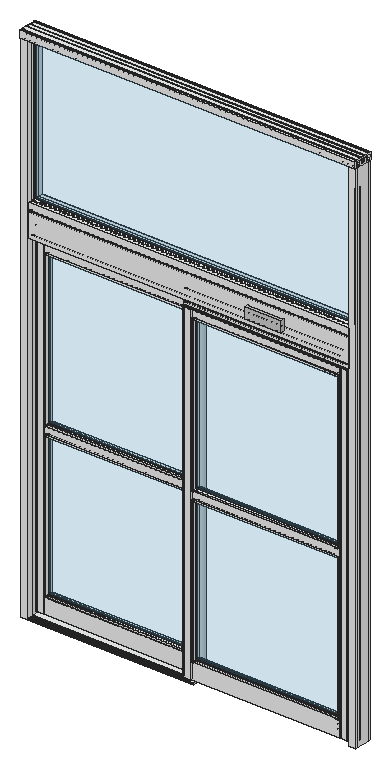
Revit family "2-6-5_Sliding-Door_TX9300SL_Single-RH-Inside-Slide-w-transom-SX-SO_Tormax", category Doors, host Wall, Revit 2026
Family settings
  Host = Wall
  Classification Number = 23.30.10.00
  Always vertical = Yes
  Cut with Voids When Loaded = Yes
  Shared = No
  Room Calculation Point = No
Parameters (values of type "7'-0" Package Width")
  Width = 7' - 0"
  URL = "https://www.tormaxusa.com"
  Thickness = 0' - 4 1/2"  # constant formula
  Specification = "https://www.arcat.com/company/tormax-usa-inc-43969/spec"
  Rough Width = Width + 0' 0 1/2"  # 7' - 0 1/2"
  Rough Height = Height + 0' 0 1/4"  # 11' - 0 1/4"
  Product Page URL = "https://www.arcat.com/arcatcos/cos43/arc43969.html"
  Model = "TX9300SL"
  Manufacturer = "Tormax"
  Keynote = "08 42 29"
  Height = 11' - 0"  # constant formula
  Glass = Glass - Tormax
  Frame Projection Ext. = 0' - 0"
  Frame Projection Int. = 0' - 0"
  Frame Width = 0' - 0"
  Wall Closure = By host
  Door Width = Width / 2 - 0' 0 9/16"  # 3' - 5 7/16"
  Door Height = Height  # 11' - 0"
  Frame Material = Aluminum - Tormax
  Description = "Single RH Inside Slide Application w/ Transom (SX-SO), 7'-0\" Package Width"
  Define Thermal Properties by = Schematic Type
  Copyright = "ARCAT"
  CAD Details = "https://www.arcat.com/company/tormax-usa-inc-43969/cad"
  Analytic Construction = "<None>"
Reference planes (in)
  plane 1 "Center (Front/Back)": y = 0
  plane 2 "Center (Left/Right)": x = 0
  plane 3 "Left": x = -42.25
  plane 4 "Right": x = 42.25
  plane 5 "Top": z = 131.75
  plane 6 "Exterior": y = 3
  plane 7 "Interior": y = -3
  plane 8: x = -1.3125
  plane 9: x = 1.3125
  plane 10: y = -2.25
  plane 11 "4": z = 85
  plane 12: x = -42
  plane 13: x = 42
  plane 14: z = 131.5
  plane 15: y = 2.25
  plane 16: x = -40.24908
  plane 17: x = 40.24908
  plane 18: y = 0.94098
  plane 19: y = -1.38997
  plane 20: x = 19.46829
  plane 21: z = 91.5
  plane 22: z = -0.5
  plane 23: z = 129.6875
  plane 24: z = 93.25
Forms (in)
  Extrusion 1, solid, material "Plastic - Tormax - Grey"
    sketch origin (0, 0, 0) x (1, 0, 0) y (0, 0, 1)
      loop
        line (14.96829, 89.555) -> (14.96829, 86.945) -> (23.96829, 86.945) -> (23.96829, 89.555) -> (14.96829, 89.555)
    from 2.23457 to 3.23457
  Extrusion 2, solid, material "Plastic - Tormax - Grey"
    sketch origin (0, 0, 0) x (1, 0, 0) y (0, 0, 1)
      loop
        line (14.96829, 89.555) -> (14.96829, 86.945) -> (23.96829, 86.945) -> (23.96829, 89.555) -> (14.96829, 89.555)
    from -3.23036 to -2.23036
  Sweep 3, solid, material "Aluminum - Tormax" <- "Frame Material"
    path origin (0, 0, 0) x (1, 0, 0) y (0, 0, 1)
      loop
        line (-40.24908, 85) -> (40.24908, 85)
    profile origin (0, 0, 85) x (0, 0, 1) y (0, -1, 0)
      loop
        line (5.77619, 2.07466) -> (5.77619, 1.22179) -> (5.91858, 1.22179)
        arc (5.91858, 1.22179) -> (5.95775, 1.20557) -> (5.97397, 1.1664) r 0.05539
        line (5.97397, 1.1664) -> (5.97397, 1.11939) -> (6.03942, 1.11939) -> (6.06795, 1.15867) -> (6.25171, 1.15867) -> (6.25171, 0.53164) -> (6.11284, 0.53164) -> (6.11284, 0.64246) -> (6.03429, 0.64246) -> (6.03429, 0.53164) -> (5.97397, 0.53164) -> (5.97397, 0.29669) -> (6.05393, 0.29669) -> (6.05393, 0.42995) -> (6.1928, 0.42995) -> (6.1928, 0.32403) -> (6.33027, 0.32403) -> (6.33027, -0.00721) -> (6.1928, -0.00721) -> (6.1928, -0.11382) -> (6.05393, -0.11382) -> (6.05393, 0.01944) -> (5.97397, 0.01944) -> (5.97397, -0.19378) -> (6.27276, -0.19378) -> (6.27276, -0.11503)
        arc (6.27276, -0.11503) -> (6.30151, -0.08627) -> (6.33027, -0.11503) r 0.02876
        line (6.33027, -0.11503) -> (6.33027, -0.44908)
        arc (6.33027, -0.44908) -> (6.30151, -0.47783) -> (6.27276, -0.44908) r 0.02876
        line (6.27276, -0.44908) -> (6.27276, -0.37032) -> (5.97397, -0.37032) -> (5.97397, -0.58354) -> (6.05393, -0.58354) -> (6.05393, -0.45028) -> (6.1928, -0.45028) -> (6.1928, -0.55689) -> (6.33027, -0.55689) -> (6.33027, -0.88653) -> (6.1928, -0.88653) -> (6.1928, -0.99314) -> (6.05393, -0.99314) -> (6.05393, -0.85988) -> (5.97397, -0.85988) -> (5.97397, -1.0731) -> (6.27276, -1.0731) -> (6.27276, -0.99434)
        arc (6.27276, -0.99434) -> (6.30151, -0.96559) -> (6.33027, -0.99434) r 0.02876
        line (6.33027, -0.99434) -> (6.33027, -1.32981)
        arc (6.33027, -1.32981) -> (6.30151, -1.35856) -> (6.27276, -1.32981) r 0.02876
        line (6.27276, -1.32981) -> (6.27276, -1.25125) -> (5.97397, -1.25125) -> (5.97397, -1.46306) -> (6.05393, -1.46306) -> (6.05393, -1.3298) -> (6.1928, -1.3298) -> (6.1928, -1.43623) -> (6.24189, -1.43623) -> (6.24189, -1.76475) -> (6.1928, -1.76475) -> (6.1928, -1.87407) -> (6.05393, -1.87407) -> (6.05393, -1.7394) -> (5.97397, -1.7394) -> (5.97397, -1.93598)
        arc (5.97397, -1.93598) -> (5.93664, -2.02611) -> (5.84651, -2.06344) r 0.12746
        line (5.84651, -2.06344) -> (1.75483, -2.06344) -> (1.75483, -1.53331) -> (1.9456, -1.35354) -> (1.9456, -0.73504) -> (1.83128, -0.62071) -> (2.08658, -0.36541) -> (2.03117, -0.31001) -> (1.93648, -0.40469) -> (1.83689, -0.3051) -> (1.91264, -0.22935) -> (1.85512, -0.17184) -> (2.08868, 0.06172) -> (2.14619, 0.00421) -> (2.22127, 0.07928) -> (2.32086, -0.02032) -> (2.22615, -0.11502) -> (2.28156, -0.17043) -> (2.38466, -0.06733) -> (2.38466, 0.9202) -> (2.23457, 0.9202) -> (2.23457, 0.32723)
        arc (2.23457, 0.32723) -> (2.2005, 0.23362) -> (2.11423, 0.18382) r 0.14562
        line (2.11423, 0.18382) -> (2.0338, 0.16963)
        arc (2.0338, 0.16963) -> (1.99627, 0.15695) -> (1.96422, 0.13365) r 0.13141
        line (1.96422, 0.13365) -> (1.83569, 0.00654)
        arc (1.83569, 0.00654) -> (1.6158, -0.06179) -> (1.43332, 0.07864) r 0.25
        line (1.43332, 0.07864) -> (1.36206, 0.23145) -> (1.17269, 0.23145) -> (1.17269, 0.1529) -> (1.30595, 0.1529) -> (1.30595, 0.01262) -> (1.19934, 0.01262) -> (1.19934, -0.06867) -> (0.8697, -0.06867) -> (0.8697, 0.01262) -> (0.76309, 0.01262) -> (0.76309, 0.1529) -> (0.89635, 0.1529) -> (0.89635, 0.23145) -> (0.59196, 0.23145) -> (0.59196, 0.11643) -> (0.47481, 0.11643)
        arc (0.47481, 0.11643) -> (0.40392, 0.14579) -> (0.37455, 0.21669) r 0.10026
        line (0.37455, 0.21669) -> (0.37455, 1.02507)
        arc (0.37455, 1.02507) -> (0.36443, 1.03854) -> (0.34867, 1.03258) r 0.01403
        line (0.34867, 1.03258) -> (0.23145, 0.84785) -> (0.23145, 0.28897) -> (-0.01964, 0.28897) -> (-0.01964, 0.45028) -> (-0.21462, 0.45028) -> (-0.21462, 0.4068) -> (-0.15431, 0.4068) -> (-0.15431, 0.33666) -> (-0.48395, 0.33666) -> (-0.48395, 0.4068) -> (-0.42504, 0.4068) -> (-0.42504, 0.45028) -> (-0.62422, 0.45028) -> (-0.62422, 0.04489) -> (-0.42504, 0.04489) -> (-0.42504, 0.08837) -> (-0.48395, 0.08837) -> (-0.48395, 0.15851) -> (-0.15431, 0.15851) -> (-0.15431, 0.08837) -> (-0.21462, 0.08837) -> (-0.21462, 0.04489) -> (0, 0.04489) -> (0, -2.23457) -> (6.5, -2.23457) -> (6.5, -2.00635)
        arc (6.5, -2.00635) -> (6.48905, -1.99208) -> (6.47243, -1.99896) r 0.01477
        line (6.47243, -1.99896) -> (6.41577, -2.09711)
        arc (6.41577, -2.09711) -> (6.39129, -2.10725) -> (6.37515, -2.08622) r 0.02177
        line (6.37515, -2.08622) -> (6.37515, -1.85076) -> (6.5, -1.72592) -> (6.5, 2.23036) -> (0.28141, 2.23036) -> (0.28141, 1.68048) -> (0.40539, 1.68048) -> (0.40539, 2.10552) -> (6.03008, 2.10552) -> (6.03008, 1.97602) -> (5.93246, 1.97602)
        arc (5.93246, 1.97602) -> (5.88314, 1.9267) -> (5.93246, 1.87738) r 0.04932
        line (5.93246, 1.87738) -> (6.29099, 1.87738) -> (6.29099, 2.1562) -> (6.34244, 2.14241)
        arc (6.34244, 2.14241) -> (6.39719, 1.79317) -> (6.22817, 1.4827) r 0.55026
        line (6.22817, 1.4827) -> (6.14932, 1.4827) -> (6.14932, 1.35631) -> (5.87438, 1.35631) -> (5.87438, 1.93675)
        arc (5.87438, 1.93675) -> (5.89217, 1.97971) -> (5.93513, 1.99751) r 0.06075
        line (5.93513, 1.99751) -> (5.99221, 1.99751) -> (5.99221, 2.07466) -> (5.77619, 2.07466)
      loop
        line (0.07995, -1.86565) -> (0.26091, -1.86565) -> (0.26091, -1.94734) -> (0.30619, -1.97106) -> (0.30619, -2.06344) -> (1.5851, -2.06344) -> (1.5851, -1.38773) -> (1.33962, -1.38773) -> (1.33962, -1.17409) -> (1.41957, -1.17409) -> (1.41957, -1.30735) -> (1.55985, -1.30735) -> (1.55985, -1.20075) -> (1.75062, -1.20075) -> (1.75062, -0.8711) -> (1.55985, -0.8711) -> (1.55985, -0.76309) -> (1.41957, -0.76309) -> (1.41957, -0.89776) -> (1.33962, -0.89776) -> (1.33962, -0.66367) -> (1.69036, -0.66367) -> (1.69036, -0.25479) -> (1.4982, -0.21838) -> (0.7408, -0.21838) -> (0.47711, -0.03365) -> (0.3058, -0.03421) -> (0.3058, -0.2539) -> (0.26091, -0.28335) -> (0.26091, -0.39978) -> (0.07995, -0.39978) -> (0.07995, -1.86565)
  Sweep 4, solid, material "Aluminum - Tormax" <- "Frame Material"
    path origin (0, 0, 0) x (1, 0, 0) y (0, 0, 1)
      loop
        line (-42, 93.25) -> (-42, -0.5)
    profile origin (-42, 0, 46.375) x (0, -1, 0) y (1, 0, 0)
      loop
        line (-0.57123, 1.42631) -> (-0.50727, 1.42631) -> (-0.50727, 1.69246) -> (0.50727, 1.69246) -> (0.50727, 1.42631) -> (0.57123, 1.42631) -> (0.57123, 1.69246) -> (0.72205, 1.69246) -> (0.72205, 1.75092) -> (-0.72205, 1.75092) -> (-0.72205, 1.69246) -> (-0.57123, 1.69246) -> (-0.57123, 1.42631)
      loop
        line (-0.57123, 82.57369) -> (-0.57123, 82.30754) -> (-0.72205, 82.30754) -> (-0.72205, 82.24908) -> (0.72205, 82.24908) -> (0.72205, 82.30754) -> (0.57123, 82.30754) -> (0.57123, 82.57369) -> (0.50727, 82.57369) -> (0.50727, 82.30754) -> (-0.50727, 82.30754) -> (-0.50727, 82.57369) -> (-0.57123, 82.57369)
  Sweep 5, solid, material "Aluminum - Tormax" <- "Frame Material"
    path origin (0, 0, 0) x (-1, 0, 0) y (0, 0, -1)
      loop
        line (-42, -129.6875) -> (-42, 0.5)
    profile origin (42, 0, 64.59375) x (0, -1, 0) y (1, 0, 0)
      loop
        line (-2.25, 0) -> (-2.25, -1.75092) -> (-0.85868, -1.75092) -> (-0.85868, -1.49159) -> (-0.72205, -1.49159) -> (-0.72205, -1.65835) -> (-0.65809, -1.65835) -> (-0.65809, -1.42631) -> (-0.75647, -1.42631) -> (-0.75647, -0.88221)
        arc (-0.75647, -0.88221) -> (-0.72688, -0.81077) -> (-0.65544, -0.78118) r 0.10104
        line (-0.65544, -0.78118) -> (0.6608, -0.78118)
        arc (0.6608, -0.78118) -> (0.72992, -0.80981) -> (0.75855, -0.87892) r 0.09775
        line (0.75855, -0.87892) -> (0.75855, -1.42631) -> (0.66591, -1.42631) -> (0.66591, -1.6564) -> (0.72205, -1.6564) -> (0.72205, -1.49159) -> (0.85905, -1.49159) -> (0.85905, -1.75092) -> (2.25, -1.75092) -> (2.25, 0) -> (1.80734, 0) -> (1.80734, -0.11322) -> (1.70714, -0.11322)
        arc (1.70714, -0.11322) -> (1.69848, -0.15137) -> (1.71377, -0.18738) r 0.06366
        line (1.71377, -0.18738) -> (1.81808, -0.18738)
        arc (1.81808, -0.18738) -> (1.86945, -0.1699) -> (1.89951, -0.12472) r 0.08425
        line (1.89951, -0.12472) -> (2.12383, -0.12472) -> (2.12383, -1.62444) -> (1.01125, -1.62444)
        arc (1.01125, -1.62444) -> (0.97912, -1.49036) -> (0.88344, -1.39109) r 0.2623
        line (0.88344, -1.39109) -> (0.88344, -0.87134)
        arc (0.88344, -0.87134) -> (0.82039, -0.71912) -> (0.66817, -0.65607) r 0.21527
        line (0.66817, -0.65607) -> (-0.66261, -0.65607)
        arc (-0.66261, -0.65607) -> (-0.81729, -0.72014) -> (-0.88136, -0.87481) r 0.21875
        line (-0.88136, -0.87481) -> (-0.88136, -1.38986)
        arc (-0.88136, -1.38986) -> (-0.97854, -1.4893) -> (-1.01125, -1.62444) r 0.2623
        line (-1.01125, -1.62444) -> (-2.12383, -1.62444) -> (-2.12383, -0.12472) -> (-1.89951, -0.12472)
        arc (-1.89951, -0.12472) -> (-1.86945, -0.1699) -> (-1.81808, -0.18738) r 0.08425
        line (-1.81808, -0.18738) -> (-1.70596, -0.18738)
        arc (-1.70596, -0.18738) -> (-1.69067, -0.15137) -> (-1.69933, -0.11322) r 0.06366
        line (-1.69933, -0.11322) -> (-1.81515, -0.11322) -> (-1.81515, 0) -> (-2.25, 0)
      loop
        line (-1.77192, 0) -> (-1.77192, -0.07235) -> (-1.60504, -0.07235) -> (-1.60504, -0.18932) -> (-1.6607, -0.18932) -> (-1.59241, -0.37695)
        arc (-1.59241, -0.37695) -> (-1.54664, -0.39829) -> (-1.52529, -0.35252) r 0.03571
        line (-1.52529, -0.35252) -> (-1.57291, -0.22167) -> (-1.53738, -0.20277) -> (-1.53738, -0.07235) -> (0.55418, -0.07235) -> (0.55418, -0.55414) -> (0.63819, -0.55414) -> (0.63819, -0.07235) -> (1.53738, -0.07235) -> (1.53738, -0.20277) -> (1.57291, -0.22167) -> (1.52529, -0.35252)
        arc (1.52529, -0.35252) -> (1.54664, -0.39829) -> (1.59241, -0.37695) r 0.03571
        line (1.59241, -0.37695) -> (1.6607, -0.18932) -> (1.60504, -0.18932) -> (1.60504, -0.07235) -> (1.76565, -0.07235) -> (1.76565, 0) -> (-1.77192, 0)
      loop
        line (-2.25, -84) -> (-1.81515, -84) -> (-1.81515, -83.88678) -> (-1.69933, -83.88678)
        arc (-1.69933, -83.88678) -> (-1.69067, -83.84863) -> (-1.70596, -83.81262) r 0.06366
        line (-1.70596, -83.81262) -> (-1.81808, -83.81262)
        arc (-1.81808, -83.81262) -> (-1.86945, -83.8301) -> (-1.89951, -83.87528) r 0.08425
        line (-1.89951, -83.87528) -> (-2.12383, -83.87528) -> (-2.12383, -82.37556) -> (-1.01125, -82.37556)
        arc (-1.01125, -82.37556) -> (-0.97854, -82.5107) -> (-0.88136, -82.61014) r 0.2623
        line (-0.88136, -82.61014) -> (-0.88136, -83.12519)
        arc (-0.88136, -83.12519) -> (-0.81729, -83.27986) -> (-0.66261, -83.34393) r 0.21875
        line (-0.66261, -83.34393) -> (0.66817, -83.34393)
        arc (0.66817, -83.34393) -> (0.82039, -83.28088) -> (0.88344, -83.12866) r 0.21527
        line (0.88344, -83.12866) -> (0.88344, -82.60891)
        arc (0.88344, -82.60891) -> (0.97912, -82.50964) -> (1.01125, -82.37556) r 0.2623
        line (1.01125, -82.37556) -> (2.12383, -82.37556) -> (2.12383, -83.87528) -> (1.89951, -83.87528)
        arc (1.89951, -83.87528) -> (1.86945, -83.8301) -> (1.81808, -83.81262) r 0.08425
        line (1.81808, -83.81262) -> (1.71377, -83.81262)
        arc (1.71377, -83.81262) -> (1.69848, -83.84863) -> (1.70714, -83.88678) r 0.06366
        line (1.70714, -83.88678) -> (1.80734, -83.88678) -> (1.80734, -84) -> (2.25, -84) -> (2.25, -82.24908) -> (0.85905, -82.24908) -> (0.85905, -82.50841) -> (0.72205, -82.50841) -> (0.72205, -82.3436) -> (0.66591, -82.3436) -> (0.66591, -82.57369) -> (0.75855, -82.57369) -> (0.75855, -83.12108)
        arc (0.75855, -83.12108) -> (0.72992, -83.19019) -> (0.6608, -83.21882) r 0.09775
        line (0.6608, -83.21882) -> (-0.65544, -83.21882)
        arc (-0.65544, -83.21882) -> (-0.72688, -83.18923) -> (-0.75647, -83.11779) r 0.10104
        line (-0.75647, -83.11779) -> (-0.75647, -82.57369) -> (-0.65809, -82.57369) -> (-0.65809, -82.34165) -> (-0.72205, -82.34165) -> (-0.72205, -82.50841) -> (-0.85868, -82.50841) -> (-0.85868, -82.24908) -> (-2.25, -82.24908) -> (-2.25, -84)
      loop
        line (-1.77192, -84) -> (1.76565, -84) -> (1.76565, -83.92765) -> (1.60504, -83.92765) -> (1.60504, -83.81068) -> (1.6607, -83.81068) -> (1.59241, -83.62305)
        arc (1.59241, -83.62305) -> (1.54664, -83.60171) -> (1.52529, -83.64748) r 0.03571
        line (1.52529, -83.64748) -> (1.57291, -83.77833) -> (1.53738, -83.79723) -> (1.53738, -83.92765) -> (0.63819, -83.92765) -> (0.63819, -83.44586) -> (0.55418, -83.44586) -> (0.55418, -83.92765) -> (-1.53738, -83.92765) -> (-1.53738, -83.79723) -> (-1.57291, -83.77833) -> (-1.52529, -83.64748)
        arc (-1.52529, -83.64748) -> (-1.54664, -83.60171) -> (-1.59241, -83.62305) r 0.03571
        line (-1.59241, -83.62305) -> (-1.6607, -83.81068) -> (-1.60504, -83.81068) -> (-1.60504, -83.92765) -> (-1.77192, -83.92765) -> (-1.77192, -84)
  Sweep 6, solid, material "Aluminum - Tormax" <- "Frame Material"
    path origin (0, 0, 0) x (1, 0, 0) y (0, 0, 1)
      loop
        line (-40.24908, 85) -> (40.24908, 85)
    profile origin (0, 0, 85) x (0, 0, 1) y (0, -1, 0)
      loop
        line (6.5, 2.23457) -> (6.5, 2.00635)
        arc (6.5, 2.00635) -> (6.48905, 1.99208) -> (6.47243, 1.99896) r 0.01477
        line (6.47243, 1.99896) -> (6.41577, 2.09711)
        arc (6.41577, 2.09711) -> (6.39129, 2.10725) -> (6.37515, 2.08622) r 0.02177
        line (6.37515, 2.08622) -> (6.37515, 1.93279) -> (6.5, 1.80795) -> (6.5, -2.23457) -> (8.25016, -2.23457) -> (8.25016, -0.91) -> (8.28253, -0.89192) -> (8.38177, -0.13464) -> (8.42963, -0.06635)
        arc (8.42963, -0.06635) -> (8.4235, -0.03153) -> (8.38868, -0.03765) r 0.025
        line (8.38868, -0.03765) -> (8.27631, -0.198) -> (8.01611, -0.198) -> (8.11017, -0.10524)
        arc (8.11017, -0.10524) -> (8.11036, -0.07696) -> (8.08208, -0.07676) r 0.02
        line (8.08208, -0.07676) -> (7.98196, -0.1755) -> (7.93041, -0.4768) -> (7.80443, -0.5574) -> (7.84777, -0.70193)
        arc (7.84777, -0.70193) -> (7.88086, -0.723) -> (7.9065, -0.69331) r 0.03
        line (7.9065, -0.69331) -> (7.9065, -0.6575) -> (7.94166, -0.6575) -> (7.94166, -0.75425) -> (7.37471, -1.29239) -> (7.37471, -1.04856) -> (7.04734, -1.04856) -> (7.04734, -0.56198) -> (7.37563, -0.56198) -> (7.37563, 0.7666) -> (7.94166, 0.7666) -> (7.94166, 0.6575) -> (7.9065, 0.6575) -> (7.9065, 0.69331)
        arc (7.9065, 0.69331) -> (7.88086, 0.723) -> (7.84777, 0.70193) r 0.03
        line (7.84777, 0.70193) -> (7.80443, 0.5574) -> (7.93041, 0.4768) -> (7.98196, 0.1755) -> (8.08208, 0.07676)
        arc (8.08208, 0.07676) -> (8.11036, 0.07696) -> (8.11017, 0.10524) r 0.02
        line (8.11017, 0.10524) -> (8.01611, 0.198) -> (8.27631, 0.198) -> (8.38868, 0.03765)
        arc (8.38868, 0.03765) -> (8.4235, 0.03153) -> (8.42963, 0.06635) r 0.025
        line (8.42963, 0.06635) -> (8.38177, 0.13464) -> (8.28253, 0.89192) -> (8.25016, 0.91) -> (8.25016, 2.23457) -> (6.5, 2.23457)
      loop
        line (8.12516, 0.98853) -> (8.12516, 2.10957) -> (6.625, 2.10957) -> (6.625, 0.89208) -> (7.91768, 0.89208) -> (8.01405, 0.98853) -> (8.12516, 0.98853)
      loop
        line (7.25063, 0.7666) -> (6.625, 0.7666) -> (6.625, -0.43698) -> (7.25063, -0.43698) -> (7.25063, 0.7666)
      loop
        line (6.625, -2.10957) -> (7.09364, -2.10957) -> (7.09364, -1.39649) -> (6.92148, -1.39649) -> (6.92148, -0.56198) -> (6.625, -0.56198) -> (6.625, -2.10957)
      loop
        line (7.21864, -2.17246) -> (8.20004, -2.17246) -> (8.20004, -0.91763) -> (8.05686, -0.91763) -> (7.95226, -0.81302) -> (7.41137, -1.32644) -> (7.21864, -1.32644) -> (7.21864, -2.17246)
  Sweep 7, solid, material "Aluminum - Tormax" <- "Frame Material"
    path origin (0, 0, 0) x (1, 0, 0) y (0, 0, 1)
      loop
        line (0, 93.25016) -> (0, 129.67)
    profile origin (0, 0, 111.46008) x (-1, 0, 0) y (0, -1, 0)
      loop
        line (-40.11746, -0.13464) -> (-40.06961, -0.06635)
        arc (-40.06961, -0.06635) -> (-40.07573, -0.03153) -> (-40.11055, -0.03765) r 0.025
        line (-40.11055, -0.03765) -> (-40.22292, -0.198) -> (-40.48313, -0.198) -> (-40.38907, -0.10524)
        arc (-40.38907, -0.10524) -> (-40.38887, -0.07696) -> (-40.41715, -0.07676) r 0.02
        line (-40.41715, -0.07676) -> (-40.51727, -0.1755) -> (-40.56882, -0.4768) -> (-40.6948, -0.5574) -> (-40.65147, -0.70193)
        arc (-40.65147, -0.70193) -> (-40.61838, -0.723) -> (-40.59273, -0.69331) r 0.03
        line (-40.59273, -0.69331) -> (-40.59273, -0.6575) -> (-40.24908, -0.6575) -> (-40.24908, -0.91) -> (-40.21671, -0.89192) -> (-40.11746, -0.13464)
      loop
        line (-40.24908, 0.91) -> (-40.24908, 0.6575) -> (-40.59273, 0.6575) -> (-40.59273, 0.69331)
        arc (-40.59273, 0.69331) -> (-40.61838, 0.723) -> (-40.65147, 0.70193) r 0.03
        line (-40.65147, 0.70193) -> (-40.6948, 0.5574) -> (-40.56882, 0.4768) -> (-40.51727, 0.1755) -> (-40.41715, 0.07676)
        arc (-40.41715, 0.07676) -> (-40.38887, 0.07696) -> (-40.38907, 0.10524) r 0.02
        line (-40.38907, 0.10524) -> (-40.48313, 0.198) -> (-40.22292, 0.198) -> (-40.11055, 0.03765)
        arc (-40.11055, 0.03765) -> (-40.07573, 0.03153) -> (-40.06961, 0.06635) r 0.025
        line (-40.06961, 0.06635) -> (-40.11746, 0.13464) -> (-40.21671, 0.89192) -> (-40.24908, 0.91)
      loop
        line (40.11746, -0.13464) -> (40.21671, -0.89192) -> (40.24908, -0.91) -> (40.24908, -0.6575) -> (40.59273, -0.6575) -> (40.59273, -0.69331)
        arc (40.59273, -0.69331) -> (40.61838, -0.723) -> (40.65147, -0.70193) r 0.03
        line (40.65147, -0.70193) -> (40.6948, -0.5574) -> (40.56882, -0.4768) -> (40.51727, -0.1755) -> (40.41715, -0.07676)
        arc (40.41715, -0.07676) -> (40.38887, -0.07696) -> (40.38907, -0.10524) r 0.02
        line (40.38907, -0.10524) -> (40.48313, -0.198) -> (40.22292, -0.198) -> (40.11055, -0.03765)
        arc (40.11055, -0.03765) -> (40.07573, -0.03153) -> (40.06961, -0.06635) r 0.025
        line (40.06961, -0.06635) -> (40.11746, -0.13464)
      loop
        line (40.24908, 0.91) -> (40.21671, 0.89192) -> (40.11746, 0.13464) -> (40.06961, 0.06635)
        arc (40.06961, 0.06635) -> (40.07573, 0.03153) -> (40.11055, 0.03765) r 0.025
        line (40.11055, 0.03765) -> (40.22292, 0.198) -> (40.48313, 0.198) -> (40.38907, 0.10524)
        arc (40.38907, 0.10524) -> (40.38887, 0.07696) -> (40.41715, 0.07676) r 0.02
        line (40.41715, 0.07676) -> (40.51727, 0.1755) -> (40.56882, 0.4768) -> (40.6948, 0.5574) -> (40.65147, 0.70193)
        arc (40.65147, 0.70193) -> (40.61838, 0.723) -> (40.59273, 0.69331) r 0.03
        line (40.59273, 0.69331) -> (40.59273, 0.6575) -> (40.24908, 0.6575) -> (40.24908, 0.91)
  Extrusion 8, solid, material "Glass - Tormax" <- "Glass"
    sketch origin (23.20157, -2.34162, 0.125) x (-0.819152, -0.573576, 0) y (0.573576, -0.819152, 0)
      loop
        line (50.71452, -38.52188) -> (50.86345, -38.3092) -> (-15.38397, 8.07774) -> (-15.53289, 7.86506) -> (50.71452, -38.52188)
    from 92.9375 to 129.75
  Sweep 9, solid, material "Aluminum - Tormax"
    path origin (0, 0, 0) x (1, 0, 0) y (0, 0, 1)
      loop
        line (1.3125, -0.5) -> (-40.24908, -0.5)
    profile origin (-19.46829, 0, -0.5) x (0, 0, -1) y (0, -1, 0)
      loop
        line (-0.5, -2.25) -> (-0.35819, -2.25) -> (-0.35819, -2.17159)
        arc (-0.35819, -2.17159) -> (-0.32366, -2.06652) -> (-0.24619, -1.98759) r 0.24334
        arc (-0.24619, -1.98759) -> (-0.15089, -2.01203) -> (-0.18123, -2.10562) r 0.0675
        line (-0.18123, -2.10562) -> (-0.22319, -2.12542) -> (-0.22319, -2.25) -> (0, -2.25) -> (0, -1.721) -> (-0.25, -1.721) -> (-0.25, -1.221) -> (0, -1.221) -> (0, -1.021) -> (-0.25, -1.021) -> (-0.25, -0.721) -> (0, -0.721) -> (0, -0.521) -> (-0.25, -0.521) -> (-0.25, -0.221) -> (0, -0.221) -> (0, -0.021) -> (-0.25, -0.021) -> (-0.25, 0.279) -> (0, 0.279) -> (0, 0.479) -> (-0.25, 0.479) -> (-0.25, 0.779) -> (0, 0.779) -> (0, 1.30347) -> (-0.25, 1.30347) -> (-0.25, 1.52047) -> (0, 1.52047) -> (0, 2.25) -> (-0.22319, 2.25) -> (-0.22319, 2.12542) -> (-0.18123, 2.10562)
        arc (-0.18123, 2.10562) -> (-0.15089, 2.01203) -> (-0.24619, 1.98759) r 0.0675
        arc (-0.24619, 1.98759) -> (-0.32366, 2.06652) -> (-0.35819, 2.17159) r 0.24334
        line (-0.35819, 2.17159) -> (-0.35819, 2.25) -> (-0.5, 2.25) -> (-0.5, 1.86397) -> (-0.16, 1.86397) -> (-0.16, 1.64697) -> (-0.5, 1.64697) -> (-0.5, 1.17697) -> (-0.16, 1.17697) -> (-0.16, 0.95997) -> (-0.5, 0.95997) -> (-0.5, -2.25)
  Extrusion 10, void
    sketch origin (-270, 2.25, 0.1426) x (0, 0, 1) y (-1, 0, 0)
      loop
        line (-0.1426, -312) -> (-0.1426, -310.24908) -> (-0.6426, -310.24908) -> (-0.6426, -312) -> (-0.1426, -312)
      loop
        line (-0.1426, -271.3125) -> (-0.1426, -228) -> (-0.6426, -228) -> (-0.6426, -271.3125) -> (-0.1426, -271.3125)
    from 0 to 4.5
  Extrusion 11, solid, material "Aluminum - Tormax"
    sketch origin (0, 0, 0) x (0, 1, 0) y (0, 0, 1)
      loop
        line (-0.93797, -0.34) -> (-0.93797, 0) -> (-1.15497, 0) -> (-1.15497, -0.34) -> (-0.93797, -0.34)
      loop
        line (-1.64697, -0.34) -> (-1.64697, 0) -> (-1.86397, 0) -> (-1.86397, -0.34) -> (-1.64697, -0.34)
    from 0 to 1.3125
  Sweep 12, solid, material "Aluminum - Tormax" <- "Frame Material"
    path origin (0, 0, 0) x (1, 0, 0) y (0, 0, 1)
      loop
        line (-42, 85) -> (42, 85)
    profile origin (0, 0, 85) x (0, 0, 1) y (0, -1, 0)
      loop
        line (46.42, -2.47) -> (46.42, -1.97) -> (46.5, -1.97) -> (46.5, -1.89) -> (46.42, -1.89) -> (46.42, -0.58) -> (46.5, -0.58) -> (46.5, -0.5) -> (46.42, -0.5) -> (46.42, 0.5) -> (46.5, 0.5) -> (46.5, 0.58) -> (46.42, 0.58) -> (46.42, 1.89) -> (46.5, 1.89) -> (46.5, 1.97) -> (46.42, 1.97) -> (46.42, 2.47) -> (44.6875, 2.47) -> (44.6875, 0.91) -> (44.65513, 0.89192) -> (44.55589, 0.13464) -> (44.50803, 0.06635)
        arc (44.50803, 0.06635) -> (44.51415, 0.03153) -> (44.54897, 0.03765) r 0.025
        line (44.54897, 0.03765) -> (44.66134, 0.198) -> (44.92155, 0.198) -> (44.82749, 0.10524)
        arc (44.82749, 0.10524) -> (44.82729, 0.07696) -> (44.85558, 0.07676) r 0.02
        line (44.85558, 0.07676) -> (44.95569, 0.1755) -> (45.00724, 0.4768) -> (45.13323, 0.5574) -> (45.08989, 0.70193)
        arc (45.08989, 0.70193) -> (45.0568, 0.723) -> (45.03115, 0.69331) r 0.03
        line (45.03115, 0.69331) -> (45.03115, 0.6575) -> (44.996, 0.6575) -> (44.996, 0.75751) -> (45.715, 0.75751) -> (45.715, -0.75751) -> (44.996, -0.75751) -> (44.996, -0.6575) -> (45.03115, -0.6575) -> (45.03115, -0.69331)
        arc (45.03115, -0.69331) -> (45.0568, -0.723) -> (45.08989, -0.70193) r 0.03
        line (45.08989, -0.70193) -> (45.13323, -0.5574) -> (45.00724, -0.4768) -> (44.95569, -0.1755) -> (44.85558, -0.07676)
        arc (44.85558, -0.07676) -> (44.82729, -0.07696) -> (44.82749, -0.10524) r 0.02
        line (44.82749, -0.10524) -> (44.92155, -0.198) -> (44.66134, -0.198) -> (44.54897, -0.03765)
        arc (44.54897, -0.03765) -> (44.51415, -0.03153) -> (44.50803, -0.06635) r 0.025
        line (44.50803, -0.06635) -> (44.55589, -0.13464) -> (44.65513, -0.89192) -> (44.6875, -0.91) -> (44.6875, -2.47) -> (46.42, -2.47)
      loop
        line (44.9375, -2.345) -> (46.295, -2.345) -> (46.295, 2.345) -> (44.9375, 2.345) -> (44.9375, 2.25) -> (44.81793, 2.25) -> (45.0705, 2.15805)
        arc (45.0705, 2.15805) -> (45.09142, 2.11319) -> (45.04656, 2.09227) r 0.035
        line (45.04656, 2.09227) -> (44.9318, 2.13309) -> (44.7675, 2.13309) -> (44.7675, 0.93545) -> (44.90522, 0.93545) -> (45.00308, 0.83751) -> (45.795, 0.83751) -> (45.795, -0.83751) -> (45.00308, -0.83751) -> (44.90522, -0.93545) -> (44.7675, -0.93545) -> (44.7675, -2.13309) -> (44.9318, -2.13309) -> (45.04656, -2.09227)
        arc (45.04656, -2.09227) -> (45.09142, -2.11319) -> (45.0705, -2.15805) r 0.035
        line (45.0705, -2.15805) -> (44.81793, -2.25) -> (44.9375, -2.25) -> (44.9375, -2.345)
  Sweep 13, solid, material "Aluminum - Tormax" <- "Frame Material"
    path origin (0, 0, 0) x (1, 0, 0) y (0, 0, 1)
      loop
        line (40.24908, 85) -> (-1.3125, 85)
    profile origin (19.46829, 0, 85) x (0, 0, -1) y (0, -1, 0)
      loop
        line (0.72324, 1.03663) -> (0.72324, 1.51952)
        arc (0.72324, 1.51952) -> (0.80109, 1.59737) -> (0.87894, 1.51952) r 0.07785
        line (0.87894, 1.51952) -> (0.87894, 1.18779)
        arc (0.87894, 1.18779) -> (0.94557, 1.12116) -> (1.0122, 1.18779) r 0.06663
        line (1.0122, 1.18779) -> (1.0122, 2.10973) -> (0.02116, 2.10973) -> (0.02116, 1.55985) -> (-2.37204, 1.55985)
        arc (-2.37204, 1.55985) -> (-2.41952, 1.67959) -> (-2.53701, 1.73239) r 0.17128
        line (-2.53701, 1.73239) -> (-2.78024, 1.73239) -> (-2.78024, 1.49813) -> (-2.70028, 1.49813) -> (-2.70028, 1.63279) -> (-2.56141, 1.63279) -> (-2.56141, 1.52478) -> (-2.46883, 1.52478) -> (-2.46883, 1.19514) -> (-2.56141, 1.19514) -> (-2.56141, 1.08853) -> (-2.70028, 1.08853) -> (-2.70028, 1.22179) -> (-2.78024, 1.22179) -> (-2.78024, 0.98753) -> (-2.53714, 0.98753)
        arc (-2.53714, 0.98753) -> (-2.41956, 1.04028) -> (-2.37204, 1.16007) r 0.17128
        line (-2.37204, 1.16007) -> (0.02187, 1.16007) -> (0.02187, 0.61019) -> (0.69799, 0.61019) -> (0.69799, 0.79396) -> (0.72324, 1.03663)
Cuts and joins
  joined: Sweep 9, Extrusion 11
Lines and regions (in)
  Opening 1
    outline origin (-90, -3, 0) x (1, 0, 0) y (0, 0, 1)
      loop
        line (47.75, 0) -> (132.25, 0) -> (132.25, 131.75) -> (47.75, 131.75) -> (47.75, 0)
  symbolic lines
    curve 1: line (16.46829, 6.25114, 0) -> (17.76733, 7.00114, 0)
    curve 2: line (16.46829, 6.25114, 0) -> (17.76733, 5.50114, 0)
    curve 5: line (16.46829, 6.25114, 0) -> (19.46829, 6.25114, 0)
    curve 6: line (19.46829, 6.25114, 0) -> (22.46829, 6.25114, 0)
    curve 9: line (16.46829, 0, 48.75) -> (17.76733, 0, 49.5)
    curve 10: line (16.46829, 0, 48.75) -> (17.76733, 0, 48)
    curve 11: line (16.46829, 0, 48.75) -> (19.46829, 0, 48.75)
    curve 12: line (19.46829, 0, 48.75) -> (22.46829, 0, 48.75)
    curve 17: arc (-42.25, 2.25, 0) -> (-42.125, 2.20201, 0) -> (-42, 2.25, 0) r 0.1868
    curve 18: arc (-42.25, -2.25, 0) -> (-42.125, -2.20201, 0) -> (-42, -2.25, 0) r 0.1868
    curve 19: arc (42.25, 2.25, 0) -> (42.125, 2.20201, 0) -> (42, 2.25, 0) r 0.1868
    curve 20: arc (42.25, -2.25, 0) -> (42.125, -2.20201, 0) -> (42, -2.25, 0) r 0.1868
    curve 21: arc (0, -2.25, 131.75) -> (0, -2.20222, 131.625) -> (0, -2.25, 131.5) r 0.18739
    curve 22: arc (0, 2.25, 131.75) -> (0, 2.20222, 131.625) -> (0, 2.25, 131.5) r 0.18739
  symbolic lines, not visible
    curve 3: line (-27.55636, -4.55425, 0) -> (-26.25733, -3.80425, 0)
    curve 4: line (-27.55636, -4.55425, 0) -> (-26.25733, -5.30425, 0)
    curve 7: line (-27.55636, -4.55425, 0) -> (-24.55636, -4.55425, 0)
    curve 8: line (-24.55636, -4.55425, 0) -> (-21.55636, -4.55425, 0)
    curve 13: line (22.54055, 0, 51.7829) -> (23.83959, 0, 52.5329)
    curve 14: line (22.54055, 0, 51.7829) -> (23.83959, 0, 51.0329)
    curve 15: line (22.54055, 0, 51.7829) -> (25.54055, 0, 51.7829)
    curve 16: line (25.54055, 0, 51.7829) -> (28.54055, 0, 51.7829)
  symbolic lines, style "Elevation Swing"
    curve 23: line (1.3125, 0, -0.5) -> (-40.24908, 0, -0.5)
    curve 24: line (1.3125, 0, -0.5) -> (1.3125, 0, 0)
Text (in)
  text "Exterior" at (-113.21489, 18.10183, 0), in view "Ref. Level"
  text "Interior" at (-113.21489, -11.36704, 0), in view "Ref. Level"
  text "Exterior" at (0, 40.15149, 123.01588), in view "Right"
  text "Interior" at (0, -64.39139, 123.01588), in view "Right"
  text "Interior" at (0, -31.01599, 123.00693), in view "Left"
  text "Exterior" at (0, 54.57065, 123.00693), in view "Left"
Dimensions and locks (in)
  "Rough Height": plane 22 to plane 5 "Top"
  equal spacing: plane 3 "Left", plane 2 "Center (Left/Right)", plane 4 "Right"
  "Rough Width": plane 3 "Left" to plane 4 "Right"
  equal spacing: plane 12, plane 2 "Center (Left/Right)", plane 13
  "Width": plane 12 to plane 13
  "Door Height": plane 14 to plane 22
  locked: plane 12 to plane 16 at 1.75092
  locked: plane 17 to plane 13 at 1.75092
  equal spacing: plane 8, plane 2 "Center (Left/Right)", plane 9
  locked: plane 8 to plane 9 at 2.625
  plane 2 "Center (Left/Right)" to plane 9 = 0' - 1 5/16"
  locked: plane 10 to plane 19 at 0.86003
  locked: plane 18 to plane 15 at 1.30902
  locked: plane 15 to curve 6 at 4.00114
  Extrusion 1 sketch curve to plane 20 to Extrusion 1 sketch curve = 0' - 4 1/2" locked, 0' - 4 1/2" locked
  Extrusion 1 sketch curve to Extrusion 1 sketch curve to plane 11 "4" = 0' - 2.61" locked, 0' - 1.945" locked
  equal spacing: plane 8, plane 20, plane 17
  Extrusion 2 sketch curve to Extrusion 2 sketch curve = 0' - 9"
  locked: Extrusion 2 sketch curve to Extrusion 2 sketch curve at 2.61
  Extrusion 1 to plane 10 = 0' - 0.98457"
  plane 15 to Extrusion 2 = 0' - 0.98036"
  locked: Extrusion 1 to plane 10 at 0.98457
  locked: plane 15 to Extrusion 2 at 0.98036
  locked: Extrusion 8 sketch curve to plane 16 at 0.1875
  locked: plane 17 to Extrusion 8 sketch curve at 0.1875
  Extrusion 8 to plane 21 = 0' - 1 9/16"
  plane 14 to Extrusion 8 = 0' - 1 5/8"
  locked: level to plane 22 at 0.5
  locked: plane 11 "4" to plane 21 at 6.5
  locked: plane 11 "4" to plane 14 at 46.5
  locked: plane 23 to plane 14 at 1.8125
  locked: plane 21 to plane 24 at 1.75
  locked: plane 23 to Extrusion 8 at 0.1875
  locked: Extrusion 8 to plane 24 at 0.1875
  aligned and locked: Opening 1 sketch curve to level
  aligned and locked: plane 6 "Exterior" to host wall
  aligned and locked: plane 7 "Interior" to host wall
  aligned and locked: Opening 1 sketch curve to plane 3 "Left"
  aligned and locked: Opening 1 sketch curve to plane 4 "Right"
  aligned and locked: plane 5 "Top" to Opening 1 sketch curve
  aligned and locked: plane 3 "Left" to curve 17
  aligned and locked: plane 15 to curve 17  (x2)
  aligned and locked: plane 12 to curve 17
  aligned and locked: plane 10 to curve 18  (x2)
  aligned and locked: plane 12 to curve 18
  aligned and locked: plane 3 "Left" to curve 18
  aligned and locked: plane 13 to curve 19
  aligned and locked: plane 4 "Right" to curve 19
  aligned and locked: plane 15 to curve 19  (x2)
  aligned and locked: plane 10 to curve 20  (x2)
  aligned and locked: plane 13 to curve 20
  aligned and locked: plane 4 "Right" to curve 20
  aligned and locked: plane 5 "Top" to curve 21
  aligned and locked: plane 14 to curve 21
  aligned and locked: plane 10 to curve 21  (x2)
  aligned and locked: plane 5 "Top" to curve 22
  aligned and locked: plane 15 to curve 22  (x2)
  aligned and locked: plane 14 to curve 22
  aligned and locked: plane 20 to curve 12
  aligned and locked: plane 20 to curve 6
  aligned and locked: Sweep 4 sketch curve to plane 16
  aligned and locked: plane 13 to Sweep 5 sketch curve  (x3)
  aligned and locked: plane 17 to Sweep 5 sketch curve  (x2)
  aligned and locked: plane 10 to Sweep 5 sketch curve
  aligned and locked: Sweep 5 sketch curve to plane 15
  aligned and locked: Sweep 5 sketch curve to plane 13
  aligned and locked: plane 11 "4" to Sweep 3 sketch curve
  aligned and locked: plane 11 "4" to Sweep 6 sketch curve
  aligned and locked: plane 2 "Center (Left/Right)" to Sweep 7 sketch curve
  aligned and locked: plane 22 to Sweep 5 sketch curve
  aligned and locked: plane 22 to Sweep 4 sketch curve
  aligned and locked: plane 12 to Sweep 4 sketch curve
  aligned and locked: plane 22 to Sweep 9 sketch curve
  aligned and locked: plane 9 to Sweep 9 sketch curve
  aligned and locked: plane 16 to Sweep 9 sketch curve
  aligned and locked: Sweep 9 sketch curve to plane 15  (x2)
  aligned and locked: Sweep 9 sketch curve to level
  aligned and locked: Sweep 9 sketch curve to profile plane  (x2)
  aligned and locked: Sweep 9 sketch curve to plane 10  (x2)
  aligned and locked: plane 8 to nested 2
  aligned and locked: plane 19 to nested 2
  aligned and locked: nested 1 to plane 9
  aligned and locked: plane 18 to nested 1
  aligned and locked: Extrusion 10 sketch curve to level  (x2)
  aligned and locked: plane 12 to Extrusion 10 sketch curve
  aligned and locked: plane 9 to Extrusion 10 sketch curve
  aligned and locked: plane 22 to Extrusion 10 sketch curve  (x2)
  aligned and locked: Extrusion 10 sketch curve to plane 13
  aligned and locked: Extrusion 10 sketch curve to plane 17
  aligned and locked: plane 10 to Extrusion 10
  aligned and locked: plane 22 to curve 23
  aligned and locked: curve 24 to plane 9
  aligned and locked: level to curve 24
  aligned and locked: plane 16 to curve 23
  aligned and locked: Extrusion 11 to plane 2 "Center (Left/Right)"
  aligned and locked: Extrusion 11 to plane 9
  aligned and locked: plane 23 to Sweep 5 sketch curve
  aligned and locked: plane 12 to Sweep 5 sketch curve  (x3)
  aligned and locked: Sweep 5 sketch curve to plane 10
  aligned and locked: Sweep 5 sketch curve to plane 16  (x2)
  aligned and locked: plane 15 to Sweep 5 sketch curve
  aligned and locked: plane 17 to Sweep 4 sketch curve
  aligned and locked: plane 24 to Sweep 4 sketch curve
  aligned and locked: plane 23 to Sweep 12 sketch curve
  aligned and locked: Sweep 12 sketch curve to plane 23
  aligned and locked: Sweep 12 sketch curve to plane 11 "4"
  aligned and locked: plane 13 to Sweep 12 sketch curve
  aligned and locked: plane 12 to Sweep 12 sketch curve
  aligned and locked: plane 16 to Sweep 7 sketch curve  (x2)
  aligned and locked: Sweep 7 sketch curve to plane 17  (x2)
  aligned and locked: Sweep 3 sketch curve to plane 11 "4"
  aligned and locked: Sweep 3 sketch curve to plane 21
  aligned and locked: Sweep 13 sketch curve to plane 11 "4"
  aligned and locked: plane 8 to Sweep 13 sketch curve
  aligned and locked: plane 17 to Sweep 13 sketch curve
Automatic sketch dimensions
  curve 1 to curve 2 = 0' - 0"
  curve 2 to curve 5 = 0' - 1.70096"
  curve 2 to curve 1 = 0' - 1 1/2"
  curve 1 to curve 6 = 0' - 3"
  curve 5 to curve 6 = 0' - 3"
  curve 2 to curve 1 = 0' - 0 3/4"
  curve 3 to curve 4 = 0' - 0"
  curve 4 to curve 7 = 0' - 1.70096"
  curve 4 to curve 3 = 0' - 1 1/2"
  curve 3 to curve 8 = 0' - 3"
  curve 7 to curve 8 = 0' - 3"
  curve 4 to curve 3 = 0' - 0 3/4"
  plane 10 to curve 18 = 0' - 0.13881"
  plane 10 to curve 20 = 0' - 0.13881"
  curve 19 to plane 15 = 0' - 0.13881"
  curve 17 to plane 15 = 0' - 0.13881"
  Extrusion 2 sketch curve to plane 11 "4" = 0' - 1.945"
  plane 20 to Extrusion 2 sketch curve = 0' - 4 1/2"
  Sweep 3 sketch curve to plane 16 = 0' - 0"
  plane 17 to Sweep 3 sketch curve = 0' - 0"
  Sweep 6 sketch curve to plane 16 = 0' - 0"
  plane 17 to Sweep 6 sketch curve = 0' - 0"
  plane 1 "Center (Front/Back)" to Sweep 6 sketch curve = 0' - 1.93279"
  Sweep 6 sketch curve to profile plane = 0' - 6.37515"
  Sweep 6 sketch curve to Sweep 6 sketch curve = 0' - 0.02177"
  plane 1 "Center (Front/Back)" to Sweep 6 sketch curve = 0' - 2.09711"
  Sweep 6 sketch curve to Sweep 6 sketch curve = 0' - 0.01885"
  plane 1 "Center (Front/Back)" to Sweep 6 sketch curve = 0' - 1.99896"
  Sweep 6 sketch curve to Sweep 6 sketch curve = 0' - 0.05666"
  Sweep 6 sketch curve to Sweep 6 sketch curve = 0' - 0.01279"
  Sweep 6 sketch curve to Sweep 6 sketch curve = 0' - 0.01477"
  plane 1 "Center (Front/Back)" to Sweep 6 sketch curve = 0' - 1.80795"
  Sweep 6 sketch curve to Sweep 6 sketch curve = 0' - 0.12485"
  Sweep 6 sketch curve to Sweep 6 sketch curve = 0' - 0 1/8"  (x7)
  Sweep 6 sketch curve to Sweep 6 sketch curve = 0' - 0"  (x5)
  Sweep 6 sketch curve to Sweep 6 sketch curve = 0' - 0.29648"
  Sweep 6 sketch curve to Sweep 6 sketch curve = 0' - 0.12586"
  Sweep 6 sketch curve to Sweep 6 sketch curve = 0' - 0.17216"
  Sweep 6 sketch curve to Sweep 6 sketch curve = 0' - 0.62563"
  Sweep 6 sketch curve to Sweep 6 sketch curve = 0' - 0.15607"
  Sweep 6 sketch curve to Sweep 6 sketch curve = 0' - 0.03666"
  Sweep 6 sketch curve to plane 1 "Center (Front/Back)" = 0' - 0.5574"
  Sweep 6 sketch curve to Sweep 6 sketch curve = 0' - 0.4288"  (x2)
  plane 1 "Center (Front/Back)" to Sweep 6 sketch curve = 0' - 0.5574"
  plane 1 "Center (Front/Back)" to Sweep 6 sketch curve = 0' - 0.70193"
  Sweep 6 sketch curve to Sweep 6 sketch curve = 0' - 0.04334"  (x2)
  Sweep 6 sketch curve to plane 1 "Center (Front/Back)" = 0' - 0.70193"
  Sweep 6 sketch curve to Sweep 6 sketch curve = 0' - 0.02874"  (x2)
  Sweep 6 sketch curve to Sweep 6 sketch curve = 0' - 0.03"  (x2)
  Sweep 6 sketch curve to Sweep 6 sketch curve = 0' - 0.01117"
  plane 1 "Center (Front/Back)" to Sweep 6 sketch curve = 0' - 0.4768"
  Sweep 6 sketch curve to Sweep 6 sketch curve = 0' - 0.12598"  (x2)
  Sweep 6 sketch curve to plane 1 "Center (Front/Back)" = 0' - 0.4768"
  Sweep 6 sketch curve to Sweep 6 sketch curve = 0' - 0 9/256"  (x2)
  Sweep 6 sketch curve to plane 1 "Center (Front/Back)" = 0' - 0.81302"
  Sweep 6 sketch curve to Sweep 6 sketch curve = 0' - 0.01061"
  Sweep 6 sketch curve to plane 1 "Center (Front/Back)" = 0' - 0.1755"
  Sweep 6 sketch curve to Sweep 6 sketch curve = 0' - 0.05155"  (x2)
  plane 1 "Center (Front/Back)" to Sweep 6 sketch curve = 0' - 0.1755"
  Sweep 6 sketch curve to Sweep 6 sketch curve = 0' - 0.09638"
  plane 1 "Center (Front/Back)" to Sweep 6 sketch curve = 0' - 0.198"
  Sweep 6 sketch curve to Sweep 6 sketch curve = 0' - 0.03415"  (x2)
  Sweep 6 sketch curve to plane 1 "Center (Front/Back)" = 0' - 0.91763"
  Sweep 6 sketch curve to Sweep 6 sketch curve = 0' - 0.1046"
  plane 1 "Center (Front/Back)" to Sweep 6 sketch curve = 0' - 0.07676"
  Sweep 6 sketch curve to Sweep 6 sketch curve = 0' - 0.06597"  (x2)
  Sweep 6 sketch curve to plane 1 "Center (Front/Back)" = 0' - 0.07676"
  Sweep 6 sketch curve to Sweep 6 sketch curve = 0' - 0.01404"  (x4)
  Sweep 6 sketch curve to plane 1 "Center (Front/Back)" = 0' - 0.10524"
  plane 1 "Center (Front/Back)" to Sweep 6 sketch curve = 0' - 0.10524"
  Sweep 6 sketch curve to Sweep 6 sketch curve = 0' - 0.1111"
  Sweep 6 sketch curve to Sweep 6 sketch curve = 0' - 0.9814"
  Sweep 6 sketch curve to Sweep 6 sketch curve = 0' - 0.05012"
  Sweep 6 sketch curve to Sweep 6 sketch curve = 0' - 0.16615"  (x2)
  plane 1 "Center (Front/Back)" to Sweep 6 sketch curve = 0' - 0.89192"
  Sweep 6 sketch curve to Sweep 6 sketch curve = 0' - 0.03237"  (x2)
  Sweep 6 sketch curve to plane 1 "Center (Front/Back)" = 0' - 0.89192"
  Sweep 6 sketch curve to plane 1 "Center (Front/Back)" = 0' - 0.13464"
  Sweep 6 sketch curve to Sweep 6 sketch curve = 0' - 0 27/256"  (x2)
  plane 1 "Center (Front/Back)" to Sweep 6 sketch curve = 0' - 0.13464"
  Sweep 6 sketch curve to plane 1 "Center (Front/Back)" = 0' - 0.03765"
  Sweep 6 sketch curve to Sweep 6 sketch curve = 0' - 0.00691"
  plane 1 "Center (Front/Back)" to Sweep 6 sketch curve = 0' - 0.03765"
  Sweep 6 sketch curve to Sweep 6 sketch curve = 0' - 0.02047"  (x4)
  plane 1 "Center (Front/Back)" to Sweep 6 sketch curve = 0' - 0.06635"
  Sweep 6 sketch curve to plane 1 "Center (Front/Back)" = 0' - 0.06635"
  Sweep 6 sketch curve to Sweep 6 sketch curve = 0' - 0.34663"
  Sweep 6 sketch curve to Sweep 6 sketch curve = 0' - 0.24384"
  Sweep 6 sketch curve to Sweep 6 sketch curve = 0' - 0.03405"
  Sweep 6 sketch curve to Sweep 6 sketch curve = 0' - 0.07004"
  Sweep 6 sketch curve to Sweep 6 sketch curve = 0' - 0.71308"
  Sweep 6 sketch curve to Sweep 6 sketch curve = 0' - 0.06289"
  Sweep 6 sketch curve to Sweep 6 sketch curve = 0' - 0.01808"  (x2)
  Sweep 6 sketch curve to Sweep 6 sketch curve = 0' - 0.05878"
  Sweep 6 sketch curve to Sweep 6 sketch curve = 0' - 0.03581"  (x2)
  Sweep 6 sketch curve to Sweep 6 sketch curve = 0' - 0.00458"
  Sweep 6 sketch curve to Sweep 6 sketch curve = 0' - 0.06336"
  Sweep 6 sketch curve to Sweep 6 sketch curve = 0' - 0.06467"
  Sweep 6 sketch curve to Sweep 6 sketch curve = 0' - 0.12548"
  Sweep 6 sketch curve to Sweep 6 sketch curve = 0' - 0.07853"
  Sweep 6 sketch curve to Sweep 6 sketch curve = 0' - 1.12104"
  plane 21 to Sweep 7 sketch curve = 0' - 1.75016"
  Sweep 7 sketch curve to plane 14 = 0' - 1.83"
  plane 1 "Center (Front/Back)" to Sweep 7 sketch curve = 0' - 0.5574"  (x2)
  Sweep 7 sketch curve to plane 1 "Center (Front/Back)" = 0' - 0.5574"  (x2)
  Sweep 7 sketch curve to plane 1 "Center (Front/Back)" = 0' - 0.70193"  (x2)
  Sweep 7 sketch curve to Sweep 7 sketch curve = 0' - 0.04334"  (x2)
  plane 1 "Center (Front/Back)" to Sweep 7 sketch curve = 0' - 0.70193"  (x2)
  Sweep 7 sketch curve to Sweep 7 sketch curve = 0' - 0.02874"  (x4)
  Sweep 7 sketch curve to Sweep 7 sketch curve = 0' - 0.03"  (x4)
  Sweep 7 sketch curve to plane 1 "Center (Front/Back)" = 0' - 0.4768"  (x2)
  Sweep 7 sketch curve to Sweep 7 sketch curve = 0' - 0.12598"  (x2)
  plane 1 "Center (Front/Back)" to Sweep 7 sketch curve = 0' - 0.4768"  (x2)
  Sweep 7 sketch curve to plane 1 "Center (Front/Back)" = 0' - 0.1755"  (x2)
  Sweep 7 sketch curve to Sweep 7 sketch curve = 0' - 0.05155"  (x2)
  plane 1 "Center (Front/Back)" to Sweep 7 sketch curve = 0' - 0.1755"  (x2)
  Sweep 7 sketch curve to Sweep 7 sketch curve = 0' - 0.03415"  (x4)
  plane 1 "Center (Front/Back)" to Sweep 7 sketch curve = 0' - 0.198"
  Sweep 7 sketch curve to plane 1 "Center (Front/Back)" = 0' - 0.07676"  (x2)
  Sweep 7 sketch curve to Sweep 7 sketch curve = 0' - 0.06597"  (x2)
  plane 1 "Center (Front/Back)" to Sweep 7 sketch curve = 0' - 0.07676"  (x2)
  Sweep 7 sketch curve to Sweep 7 sketch curve = 0' - 0.01404"  (x8)
  Sweep 7 sketch curve to plane 1 "Center (Front/Back)" = 0' - 0.10524"  (x2)
  plane 1 "Center (Front/Back)" to Sweep 7 sketch curve = 0' - 0.10524"  (x2)
  Sweep 7 sketch curve to plane 1 "Center (Front/Back)" = 0' - 0.198"  (x2)
  Sweep 7 sketch curve to Sweep 7 sketch curve = 0' - 0.16615"  (x4)
  Sweep 7 sketch curve to plane 1 "Center (Front/Back)" = 0' - 0.89192"
  Sweep 7 sketch curve to Sweep 7 sketch curve = 0' - 0.03237"  (x4)
  plane 1 "Center (Front/Back)" to Sweep 7 sketch curve = 0' - 0.89192"
  plane 1 "Center (Front/Back)" to Sweep 7 sketch curve = 0' - 0.13464"  (x2)
  Sweep 7 sketch curve to Sweep 7 sketch curve = 0' - 0 27/256"  (x4)
  Sweep 7 sketch curve to plane 1 "Center (Front/Back)" = 0' - 0.13464"  (x2)
  Sweep 7 sketch curve to plane 1 "Center (Front/Back)" = 0' - 0.03765"  (x2)
  Sweep 7 sketch curve to Sweep 7 sketch curve = 0' - 0.00691"
  plane 1 "Center (Front/Back)" to Sweep 7 sketch curve = 0' - 0.03765"  (x2)
  Sweep 7 sketch curve to Sweep 7 sketch curve = 0' - 0"  (x2)
  Sweep 7 sketch curve to Sweep 7 sketch curve = 0' - 0.02047"  (x8)
  plane 1 "Center (Front/Back)" to Sweep 7 sketch curve = 0' - 0.06635"  (x2)
  Sweep 7 sketch curve to plane 1 "Center (Front/Back)" = 0' - 0.06635"  (x2)
  Sweep 7 sketch curve to Sweep 7 sketch curve = 0' - 0.04786"  (x3)
  Sweep 7 sketch curve to Sweep 7 sketch curve = 0' - 0.09406"  (x2)
  Sweep 7 sketch curve to Sweep 7 sketch curve = 0' - 0.10207"  (x2)
  Sweep 7 sketch curve to Sweep 7 sketch curve = 0' - 0.01808"  (x4)
  Sweep 7 sketch curve to Sweep 7 sketch curve = 0' - 0.23442"  (x2)
  Sweep 7 sketch curve to Sweep 7 sketch curve = 0' - 0.03581"  (x4)
  Sweep 7 sketch curve to Sweep 7 sketch curve = 0' - 0.06336"
  Sweep 9 sketch curve to profile plane = 0' - 0"  (x4)
  Sweep 9 sketch curve to Sweep 9 sketch curve = 0' - 0"  (x9)
  profile plane to Sweep 9 sketch curve = 0' - 0 1/2"
  Sweep 9 sketch curve to Sweep 9 sketch curve = 0' - 0.14181"  (x2)
  profile plane to Sweep 9 sketch curve = 0' - 0 1/4"  (x3)
  Sweep 9 sketch curve to plane 1 "Center (Front/Back)" = 0' - 0.021"  (x2)
  Sweep 9 sketch curve to Sweep 9 sketch curve = 0' - 0.135"  (x2)
  Sweep 9 sketch curve to Sweep 9 sketch curve = 0' - 0.01316"  (x2)
  Sweep 9 sketch curve to Sweep 9 sketch curve = 0' - 0.04196"  (x2)
  Sweep 9 sketch curve to Sweep 9 sketch curve = 0' - 0.09"
  profile plane to Sweep 9 sketch curve = 0' - 0.16"  (x2)
  Sweep 9 sketch curve to Sweep 9 sketch curve = 0' - 0.06543"  (x2)
  profile plane to Sweep 9 sketch curve = 0' - 0"
  Sweep 9 sketch curve to Sweep 9 sketch curve = 0' - 0.05696"
  Sweep 9 sketch curve to Sweep 9 sketch curve = 0' - 0.07841"  (x2)
  Sweep 9 sketch curve to Sweep 9 sketch curve = 0' - 0.12458"
  Sweep 9 sketch curve to Sweep 9 sketch curve = 0' - 0.0198"  (x2)
  Sweep 9 sketch curve to Sweep 9 sketch curve = 0' - 0.06104"  (x2)
  Sweep 9 sketch curve to Sweep 9 sketch curve = 0' - 0.26659"
  Sweep 9 sketch curve to Sweep 9 sketch curve = 0' - 0 1/2"
  Sweep 9 sketch curve to Sweep 9 sketch curve = 0' - 0.2"  (x7)
  Sweep 9 sketch curve to Sweep 9 sketch curve = 0' - 0.3"  (x2)
  Sweep 9 sketch curve to plane 1 "Center (Front/Back)" = 0' - 0.221"
  plane 1 "Center (Front/Back)" to Sweep 9 sketch curve = 0' - 0.279"
  Sweep 9 sketch curve to Sweep 9 sketch curve = 0' - 0.18097"  (x2)
  Sweep 9 sketch curve to Sweep 9 sketch curve = 0' - 0.217"  (x5)
  Sweep 9 sketch curve to Sweep 9 sketch curve = 0' - 0.1265"  (x4)
  Sweep 9 sketch curve to Sweep 9 sketch curve = 0' - 0.18061"
  Sweep 9 sketch curve to Sweep 9 sketch curve = 0' - 0.08742"
  Extrusion 11 sketch curve to level = 0' - 0"  (x2)
  plane 22 to Extrusion 11 sketch curve = 0' - 0.16"  (x2)
  Extrusion 11 sketch curve to plane 10 = 0' - 0.38603"
  Extrusion 11 sketch curve to Extrusion 11 sketch curve = 0' - 0.217"  (x2)
  Extrusion 11 sketch curve to plane 19 = 0' - 0.235"
  Sweep 12 sketch curve to plane 1 "Center (Front/Back)" = 0' - 0.06635"
  plane 1 "Center (Front/Back)" to Sweep 12 sketch curve = 0' - 0.06635"
  Sweep 12 sketch curve to Sweep 12 sketch curve = 0' - 0"  (x4)
  Sweep 12 sketch curve to Sweep 12 sketch curve = 0' - 0.02047"  (x4)
  Sweep 12 sketch curve to plane 1 "Center (Front/Back)" = 0' - 0.03765"
  plane 1 "Center (Front/Back)" to Sweep 12 sketch curve = 0' - 0.03765"
  plane 1 "Center (Front/Back)" to Sweep 12 sketch curve = 0' - 0.13464"
  Sweep 12 sketch curve to Sweep 12 sketch curve = 0' - 0.04786"  (x2)
  Sweep 12 sketch curve to plane 1 "Center (Front/Back)" = 0' - 0.13464"
  Sweep 12 sketch curve to plane 1 "Center (Front/Back)" = 0' - 0.89192"
  Sweep 12 sketch curve to Sweep 12 sketch curve = 0' - 0.09924"
  plane 1 "Center (Front/Back)" to Sweep 12 sketch curve = 0' - 0.89192"
  plane 1 "Center (Front/Back)" to Sweep 12 sketch curve = 0' - 0.198"
  Sweep 12 sketch curve to Sweep 12 sketch curve = 0' - 0 27/256"  (x2)
  Sweep 12 sketch curve to plane 1 "Center (Front/Back)" = 0' - 0.198"
  Sweep 12 sketch curve to Sweep 12 sketch curve = 0' - 0.03237"  (x2)
  Sweep 12 sketch curve to Sweep 12 sketch curve = 0' - 0.08"  (x12)
  Sweep 12 sketch curve to Sweep 12 sketch curve = 0' - 0.05043"  (x2)
  Sweep 12 sketch curve to plane 1 "Center (Front/Back)" = 0' - 0.10524"
  Sweep 12 sketch curve to Sweep 12 sketch curve = 0' - 0.16615"  (x2)
  plane 1 "Center (Front/Back)" to Sweep 12 sketch curve = 0' - 0.10524"
  Sweep 12 sketch curve to Sweep 12 sketch curve = 0' - 0.01404"  (x4)
  Sweep 12 sketch curve to plane 1 "Center (Front/Back)" = 0' - 0.07676"
  plane 1 "Center (Front/Back)" to Sweep 12 sketch curve = 0' - 0.07676"
  Sweep 12 sketch curve to Sweep 12 sketch curve = 0' - 0.13772"  (x2)
  Sweep 12 sketch curve to Sweep 12 sketch curve = 0' - 0.09406"  (x2)
  Sweep 12 sketch curve to plane 1 "Center (Front/Back)" = 0' - 2.13309"
  Sweep 12 sketch curve to Sweep 12 sketch curve = 0' - 0.11387"  (x2)
  plane 1 "Center (Front/Back)" to Sweep 12 sketch curve = 0' - 2.13309"
  Sweep 12 sketch curve to Sweep 12 sketch curve = 0' - 0.11957"  (x2)
  plane 1 "Center (Front/Back)" to Sweep 12 sketch curve = 0' - 0.1755"
  Sweep 12 sketch curve to Sweep 12 sketch curve = 0' - 0.03415"  (x2)
  Sweep 12 sketch curve to plane 1 "Center (Front/Back)" = 0' - 0.1755"
  Sweep 12 sketch curve to Sweep 12 sketch curve = 0' - 0.09078"  (x2)
  plane 1 "Center (Front/Back)" to Sweep 12 sketch curve = 0' - 0.83751"
  Sweep 12 sketch curve to Sweep 12 sketch curve = 0' - 0.00708"  (x2)
  Sweep 12 sketch curve to plane 1 "Center (Front/Back)" = 0' - 0.83751"
  plane 1 "Center (Front/Back)" to Sweep 12 sketch curve = 0' - 0.4768"
  Sweep 12 sketch curve to Sweep 12 sketch curve = 0' - 0.01124"  (x2)
  Sweep 12 sketch curve to plane 1 "Center (Front/Back)" = 0' - 0.4768"
  Sweep 12 sketch curve to Sweep 12 sketch curve = 0' - 0 9/256"  (x2)
  Sweep 12 sketch curve to plane 1 "Center (Front/Back)" = 0' - 2.09227"
  Sweep 12 sketch curve to Sweep 12 sketch curve = 0' - 0.11476"  (x2)
  plane 1 "Center (Front/Back)" to Sweep 12 sketch curve = 0' - 2.09227"
  Sweep 12 sketch curve to Sweep 12 sketch curve = 0' - 0.01197"  (x4)
  Sweep 12 sketch curve to Sweep 12 sketch curve = 0' - 0.03"  (x2)
  Sweep 12 sketch curve to plane 1 "Center (Front/Back)" = 0' - 2.15805"
  plane 1 "Center (Front/Back)" to Sweep 12 sketch curve = 0' - 2.15805"
  plane 1 "Center (Front/Back)" to Sweep 12 sketch curve = 0' - 0.70193"
  Sweep 12 sketch curve to Sweep 12 sketch curve = 0' - 0.02874"  (x2)
  Sweep 12 sketch curve to plane 1 "Center (Front/Back)" = 0' - 0.70193"
  plane 1 "Center (Front/Back)" to Sweep 12 sketch curve = 0' - 0.5574"
  Sweep 12 sketch curve to Sweep 12 sketch curve = 0' - 0.10207"  (x2)
  Sweep 12 sketch curve to plane 1 "Center (Front/Back)" = 0' - 0.5574"
  Sweep 12 sketch curve to Sweep 12 sketch curve = 0' - 0.58177"
  Sweep 12 sketch curve to Sweep 12 sketch curve = 0' - 1.2245"
  Sweep 12 sketch curve to Sweep 12 sketch curve = 0' - 0 1/8"  (x2)
  Sweep 12 sketch curve to Sweep 12 sketch curve = 0' - 0.11691"  (x2)
  Sweep 12 sketch curve to Sweep 12 sketch curve = 0' - 0.095"  (x2)
  Sweep 12 sketch curve to Sweep 12 sketch curve = 0' - 0.22"  (x2)
  Sweep 12 sketch curve to Sweep 12 sketch curve = 0' - 0 3/8"
  Sweep 12 sketch curve to Sweep 12 sketch curve = 0' - 0.09794"  (x2)
  Sweep 12 sketch curve to Sweep 12 sketch curve = 0' - 0.01808"  (x2)
  Sweep 12 sketch curve to Sweep 12 sketch curve = 0' - 0.03581"  (x2)
  Sweep 12 sketch curve to plane 1 "Center (Front/Back)" = 0' - 0.58"
  plane 1 "Center (Front/Back)" to Sweep 12 sketch curve = 0' - 0 1/2"
  Sweep 12 sketch curve to Sweep 12 sketch curve = 0' - 0.06419"
  Sweep 12 sketch curve to Sweep 12 sketch curve = 0' - 1.05249"
  profile plane to Sweep 5 sketch curve = 0' - 0.12472"  (x2)
